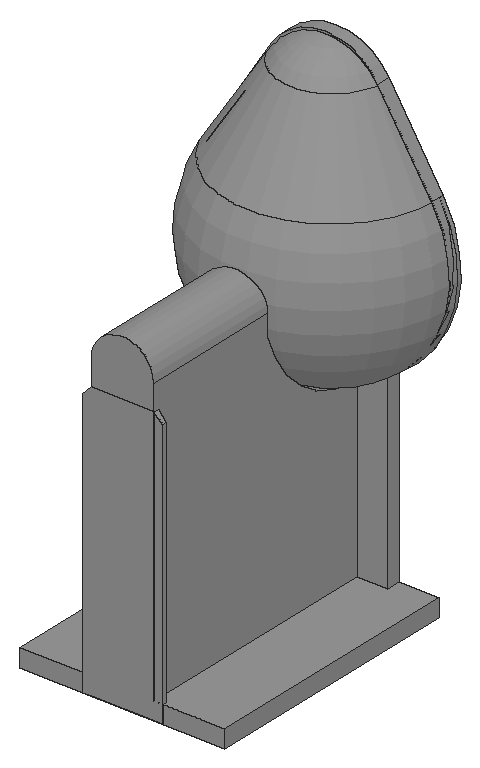
Revit family "Toilet-Willoughby-ETWS-1490-FM-FA-TS", category Plumbing Fixtures, Revit 2015
Parameters (values of type "Standard")
  Waste DIA = 2 3/8"
  Waste Connection = yes
  W-RAD [instance] = Waste DIA / 2  # 0' - 1 3/16"
  Vent Connection = no
  URL = "https://www.willoughby-ind.com/wp-content/uploads/2017/12/ETWS-1490-FM-FA.pdf"
  Type Comments = ""
  Revision = "A"
  Model = "ETWS-1490-FM-FA-TS"
  Manufacturer = "Willoughby Industries"
  HW Connection = no
  Flush inlet DIA = 1 1/2"
  Flush Inlet Connection = yes
  Fixture Body = Stainless Steel AISI 304-Willoughby
  F-RAD [instance] = Flush inlet DIA / 2  # 0' - 0 3/4"
  Description = "Floor Mounted Siphon Jet Flush Toilet"
  Default Elevation = 0' - 0"
  Contact Number = "(800) 428-4065"
  CW Connection = no
Reference planes (in)
  plane 1 "Base": y = -16.25
  plane 2: z = 0
  plane 3 "Center": x = 18.31072
  plane 4 "Seat HGT": y = -1.25
  plane 5: y = -2.125
  plane 6: x = 16.56072
  plane 7: x = 20.06072
  plane 8: x = 12.56072
  plane 9: x = 24.06072
  plane 10: z = 2.75
  plane 11 "Waste HGT": y = -10.75
  plane 12: z = 27.75
Forms (in)
  Extrusion 1, solid, material "Stainless Steel AISI 304-Willoughby" <- "Fixture Body"
    sketch origin (16.08109, 7.47968, -5.1422) x (-1, 0, 0) y (0, 0, -1)
      loop
        line (1.29775, -16.80087) -> (1.29775, -5.1422) -> (-5.72963, -5.1422) -> (-5.72963, -16.81676)
        arc (-5.72963, -16.81676) -> (-8.98136, -21.11843) -> (-8.21015, -26.45542) r 7
        line (-8.21015, -26.45542) -> (-5.16818, -31.31054)
        arc (-5.16818, -31.31054) -> (-2.20225, -32.95225) -> (0.76368, -31.31054) r 3.5
        line (0.76368, -31.31054) -> (3.80565, -26.45542)
        arc (3.80565, -26.45542) -> (4.5729, -21.10311) -> (1.29775, -16.80087) r 7
      loop
        arc (2.03989, -24.70557) -> (-2.20225, -18.23804) -> (-6.44438, -24.70557) r 4.625
        line (-6.44438, -24.70557) -> (-4.04125, -30.23842)
        arc (-4.04125, -30.23842) -> (-2.20225, -31.45225) -> (-0.36324, -30.23842) r 2
        line (-0.36324, -30.23842) -> (2.03989, -24.70557)
    from 8.72968 to 9.5
  Revolve 2, solid, material "Stainless Steel AISI 304-Willoughby" <- "Fixture Body"
    sketch origin (19.37246, -1.52032, -1.93826) x (-1, 0, 0) y (0, 0, -1)
      loop
        line (1.06174, -12.59906) -> (1.06174, -12.84906)
        arc (1.06174, -12.84906) -> (6.96784, -16.33096) -> (6.78077, -23.18447) r 6.75
        line (6.78077, -23.18447) -> (3.81535, -27.91457)
        arc (3.81535, -27.91457) -> (2.63527, -29.03194) -> (1.06174, -29.43826) r 3.25
        line (1.06174, -29.43826) -> (1.06174, -29.68826)
        arc (1.06174, -29.68826) -> (2.75672, -29.25045) -> (4.02767, -28.04656) r 3.5
        line (4.02767, -28.04656) -> (7.06964, -23.19143)
        arc (7.06964, -23.19143) -> (7.15052, -16.14555) -> (1.06174, -12.59906) r 7
      axis (1.06174, -12.59906) -> (1.06174, -29.68826)
    angle from 0 to -180
  Extrusion 3, solid, material "Stainless Steel AISI 304-Willoughby" <- "Fixture Body"
    sketch origin (19.53334, -3.02032, -2.9508) x (0, 1, 0) y (0, 0, 1)
      loop
        line (-5.27082, 2.9508) -> (1, 2.9508) -> (1, 13.76086)
        arc (1, 13.76086) -> (-2.93256, 15.26109) -> (-5.27082, 18.76086) r 6.92744
        line (-5.27082, 18.76086) -> (-5.27082, 2.9508)
    from 0.52738 to -2.97262
  Extrusion 4, solid, material "Stainless Steel AISI 304-Willoughby" <- "Fixture Body"
    sketch origin (0, 14.59309, 0) x (1, 0, 0) y (0, 1, 0)
      loop
        circle (18.31072, -25.34309) r 1.1875
    from 1 to 0
  Extrusion 5, solid, material "Stainless Steel AISI 304-Willoughby" <- "Fixture Body"
    sketch origin (0, 1.11185, 0) x (1, 0, 0) y (0, 0, 1)
      loop
        circle (18.31072, 2.75) r 0.75
    from 2.36185 to 1.42435
  Extrusion 6, solid, material "Stainless Steel AISI 304-Willoughby" <- "Fixture Body"
    sketch origin (0, -16.25, 0) x (1, 0, 0) y (0, 0, 1)
      loop
        line (24.06072, 0) -> (24.06072, 1) -> (12.56072, 1) -> (12.56072, 0) -> (24.06072, 0)
    from -15 to 0
  Extrusion 7, solid, material "Stainless Steel AISI 304-Willoughby" <- "Fixture Body"
    sketch origin (0, -16.25, 2) x (1, 0, 0) y (0, 0, 1)
      loop
        line (20.06072, -2) -> (20.06072, 14.94894)
        arc (20.06072, 14.94894) -> (18.31072, 16.69894) -> (16.56072, 14.94894) r 1.75
        line (16.56072, 14.94894) -> (16.56072, -2) -> (20.06072, -2)
    from 0 to -7.95886
  Extrusion 8, solid, material "Stainless Steel AISI 304-Willoughby" <- "Fixture Body"
    sketch origin (0, -16.25, -1) x (1, 0, 0) y (0, 0, 1)
      loop
        line (20.56072, 1) -> (20.56072, 16.04076) -> (20.06072, 16.54076) -> (16.56072, 16.54076) -> (16.06072, 16.04076) -> (16.06072, 1) -> (16.56072, 1) -> (20.56072, 1)
    from 0 to -0.25
Cuts and joins
  joined: Extrusion 1, Extrusion 3, Extrusion 6, Extrusion 7
Lines and regions (in)
  symbolic lines
    curve 1: line (11.28334, -2.02032, 0) -> (11.28334, -1.25, 0)
    curve 2: line (11.28334, -1.25, 0) -> (25.28334, -1.25, 0)
    curve 3: line (25.28334, -1.25, 0) -> (25.28334, -2.02032, 0)
    curve 4: arc (25.28334, -2.02032, 0) -> (23.10099, -6.63946, 0) -> (18.31072, -8.41496, 0) r 6.76417
    curve 5: arc (18.31072, -8.41496, 0) -> (13.51474, -6.62681, 0) -> (11.28334, -2.02032, 0) r 6.8754
    curve 6: line (24.06072, -5.54725, 0) -> (24.06072, -16.25, 0)
    curve 7: line (24.06072, -16.25, 0) -> (12.56072, -16.25, 0)
    curve 8: line (12.56072, -16.25, 0) -> (12.56072, -5.55658, 0)
    curve 9: line (20.06072, -8.24279, 0) -> (20.06072, -16.25, 0)
    curve 10: line (16.56072, -8.2327, 0) -> (16.56072, -16.25, 0)
    curve 11: line (20.06072, -16, 0) -> (20.56072, -16, 0)
    curve 12: line (20.56072, -16, 0) -> (20.56072, -16.25, 0)
    curve 13: line (16.56072, -16, 0) -> (16.06072, -16, 0)
    curve 14: line (16.06072, -16, 0) -> (16.06072, -16.25, 0)
    curve 15: line (14.78334, -16.25, 11.65867) -> (14.78334, -16.25, 1)
    curve 16: line (14.78334, -16.25, 1) -> (12.56072, -16.25, 1)
    curve 17: line (12.56072, -16.25, 1) -> (12.56072, -16.25, 0)
    curve 18: line (12.56072, -16.25, 0) -> (24.06072, -16.25, 0)
    curve 19: line (24.06072, -16.25, 0) -> (24.06072, -16.25, 1)
    curve 20: line (24.06072, -16.25, 1) -> (21.81072, -16.25, 1)
    curve 21: line (21.81072, -16.25, 1) -> (21.81072, -16.25, 11.67456)
    curve 22: arc (21.81072, -16.25, 11.67456) -> (25.08541, -16.25, 15.97033) -> (24.29124, -16.25, 21.31322) r 6.94458
    curve 23: line (24.29124, -16.25, 21.31322) -> (21.24927, -16.25, 26.16835)
    curve 24: arc (21.24927, -16.25, 26.16835) -> (19.97832, -16.25, 27.37224) -> (18.28334, -16.25, 27.81005) r 3.5
    curve 25: arc (18.28334, -16.25, 27.81005) -> (16.58835, -16.25, 27.37224) -> (15.31741, -16.25, 26.16835) r 3.5
    curve 26: line (15.31741, -16.25, 26.16835) -> (12.35249, -16.25, 21.43905)
    curve 27: arc (12.35249, -16.25, 21.43905) -> (11.49002, -16.25, 16.03241) -> (14.78334, -16.25, 11.65867) r 7
    curve 33: line (18.31072, -8.42861, 18.69535) -> (18.31072, -16.25, 18.69535)
    curve 34: line (18.31072, -16.25, 18.69535) -> (18.31072, -16.25, 0)
    curve 35: line (18.31072, -16.25, 0) -> (18.31072, -1.25, 0)
    curve 36: line (18.31072, -1.25, 0) -> (18.31072, -1.25, 27.81005)
    curve 37: line (18.31072, -1.25, 27.81005) -> (18.31072, -2.02032, 27.81005)
    curve 38: arc (18.31072, -2.02032, 27.81005) -> (18.31072, -3.3009, 27.25737) -> (18.31072, -4.32667, 26.31229) r 4.1579
    curve 39: line (18.31072, -4.32667, 26.31229) -> (18.31072, -7.52822, 21.25317)
    curve 40: arc (18.31072, -7.52822, 21.25317) -> (18.31072, -8.12338, 20.02529) -> (18.31072, -8.42861, 18.69535) r 6.05743
    curve 41: arc (18.31072, -8.42861, 18.69535) -> (18.31072, -8.31429, 17.25487) -> (18.31072, -8.29114, 15.81005) r 22.87654
    curve 42: arc (18.31072, -8.29114, 15.81005) -> (18.31072, -5.95289, 12.31029) -> (18.31072, -2.02032, 10.81005) r 6.92744
    curve 43: line (18.31072, -1.25, 11.65867) -> (18.31072, -2.02032, 11.65867)
    curve 44: line (18.31072, -2.02032, 11.65867) -> (18.31072, -2.02032, 1)
    curve 45: line (18.31072, -2.02032, 1) -> (18.31072, -16.25, 1)
  symbolic lines, detail levels fine
    curve 28: arc (14.0412, -16.25, 19.56337) -> (18.28334, -16.25, 13.09585) -> (22.52547, -16.25, 19.56337) r 4.625
    curve 29: line (22.52547, -16.25, 19.56337) -> (20.23477, -16.25, 24.83738)
    curve 30: arc (20.23477, -16.25, 24.83738) -> (19.45279, -16.25, 25.83044) -> (18.28334, -16.25, 26.31005) r 2.48373
    curve 31: arc (18.28334, -16.25, 26.31005) -> (17.13701, -16.25, 26.04679) -> (16.44433, -16.25, 25.09622) r 1.67984
    curve 32: line (16.44433, -16.25, 25.09622) -> (14.0412, -16.25, 19.56337)
Dimensions and locks (in)
  locked: plane 1 "Base" to plane 4 "Seat HGT" at 15
  locked: plane 11 "Waste HGT" to plane 1 "Base" at 5.5
  locked: plane 1 "Base" to plane 11 "Waste HGT" at 5.5
  locked: plane 8 to plane 9 at 11.5
  locked: plane 8 to plane 3 "Center" at 5.75
  "W-RAD": radius of Extrusion 4 sketch curve
  "F-RAD": radius of Extrusion 5 sketch curve
  aligned and locked: plane 3 "Center" to Extrusion 4 sketch curve
  aligned and locked: plane 3 "Center" to Extrusion 5 sketch curve
  aligned and locked: plane 10 to Extrusion 5 sketch curve
  aligned and locked: plane 11 "Waste HGT" to Extrusion 4 sketch curve
  aligned and locked: cut or joined group of Extrusion 1, Extrusion 3, Extrusion 6, Extrusion 7 to level
  aligned and locked: cut or joined group of Extrusion 1, Extrusion 3, Extrusion 6, Extrusion 7 to cut or joined group of Extrusion 1, Extrusion 3, Extrusion 6, Extrusion 7
  aligned and locked: cut or joined group of Extrusion 1, Extrusion 3, Extrusion 6, Extrusion 7 to Extrusion 4
Automatic sketch dimensions
  Extrusion 1 sketch curve to Extrusion 1 sketch curve = 0' - 0"  (x8)
  level to Extrusion 1 sketch curve = 0' - 0"
  plane 3 "Center" to Extrusion 1 sketch curve = 0' - 5.98052"
  Extrusion 1 sketch curve to Extrusion 1 sketch curve = 0' - 1.76576"  (x2)
  plane 3 "Center" to Extrusion 1 sketch curve = 0' - 3 1/2"
  plane 3 "Center" to Extrusion 1 sketch curve = 0' - 2.93855"
  Extrusion 1 sketch curve to Extrusion 1 sketch curve = 0' - 1.12693"  (x2)
  Extrusion 1 sketch curve to plane 3 "Center" = 0' - 0.02738"  (x2)
  Extrusion 1 sketch curve to plane 3 "Center" = 0' - 1.86639"
  Extrusion 1 sketch curve to plane 3 "Center" = 0' - 3.52738"
  Extrusion 1 sketch curve to plane 3 "Center" = 0' - 4 69/256"
  Extrusion 1 sketch curve to Extrusion 1 sketch curve = 0' - 11.65867"
  Extrusion 1 sketch curve to Extrusion 1 sketch curve = 0' - 0.01589"
  Extrusion 1 sketch curve to Extrusion 1 sketch curve = 0' - 6.06218"
  Extrusion 1 sketch curve to Extrusion 1 sketch curve = 0' - 1.74985"
  Extrusion 1 sketch curve to Extrusion 1 sketch curve = 0' - 4.74668"
  Extrusion 1 sketch curve to Extrusion 1 sketch curve = 0' - 0.78617"
  Extrusion 1 sketch curve to Extrusion 1 sketch curve = 0' - 1.07212"
  Revolve 2 sketch curve to Revolve 2 sketch curve = 0' - 0"  (x2)
  Revolve 2 sketch curve to plane 3 "Center" = 0' - 0"  (x3)
  plane 3 "Center" to Revolve 2 sketch curve = 0' - 0"
  Revolve 2 sketch curve to plane 3 "Center" = 0' - 2.75361"
  Revolve 2 sketch curve to Revolve 2 sketch curve = 0' - 0.21232"
  Revolve 2 sketch curve to Revolve 2 sketch curve = 0' - 2.96542"
  Revolve 2 sketch curve to Revolve 2 sketch curve = 0' - 0.28887"
  level to Revolve 2 sketch curve = 2' - 3 3/4"
  Revolve 2 sketch curve to Revolve 2 sketch curve = 0' - 0 1/4"
  Revolve 2 sketch curve to Revolve 2 sketch curve = 0' - 1.3917"
  Revolve 2 sketch curve to Revolve 2 sketch curve = 0' - 0.13199"
  Revolve 2 sketch curve to Revolve 2 sketch curve = 0' - 4.85513"
  Revolve 2 sketch curve to Revolve 2 sketch curve = 0' - 0.00696"
  Revolve 2 sketch curve to Revolve 2 sketch curve = 0' - 3 1/4"
  Revolve 2 sketch curve to Revolve 2 sketch curve = 0' - 3.3392"
  Revolve 2 sketch curve to Revolve 2 sketch curve = 0' - 2.4108"
  level to Extrusion 3 sketch curve = 0' - 0"
  plane 5 to Extrusion 3 sketch curve = 0' - 0.10468"
  plane 4 "Seat HGT" to Extrusion 3 sketch curve = 0' - 0.38413"
  Extrusion 3 sketch curve to Extrusion 3 sketch curve = 0' - 10.81005"
  Extrusion 3 sketch curve to Extrusion 3 sketch curve = 0' - 5"
  Extrusion 6 sketch curve to plane 8 = 0' - 0"
  Extrusion 6 sketch curve to plane 9 = 0' - 0"
  Extrusion 6 sketch curve to level = 0' - 0"
  level to Extrusion 6 sketch curve = 0' - 1"
  level to Extrusion 7 sketch curve = 0' - 0"
  Extrusion 7 sketch curve to plane 7 = 0' - 0"
  plane 10 to Extrusion 7 sketch curve = 1' - 2.19894"
  plane 6 to Extrusion 7 sketch curve = 0' - 0"
  Extrusion 3 sketch curve to Extrusion 3 sketch curve = 0' - 6.27082"
  Extrusion 8 sketch curve to plane 6 = 0' - 0"  (x2)
  Extrusion 8 sketch curve to plane 7 = 0' - 0"
  Extrusion 8 sketch curve to Extrusion 8 sketch curve = 0' - 0 1/2"  (x3)
  plane 7 to Extrusion 8 sketch curve = 0' - 0 1/2"
  level to Extrusion 8 sketch curve = 0' - 0"
  plane 10 to Extrusion 8 sketch curve = 1' - 0.29076"
  plane 4 "Seat HGT" to curve 1 = 0' - 0"
  curve 7 to plane 8 = 0' - 0"
  plane 1 "Base" to curve 14 = 0' - 0"
  curve 10 to plane 6 = 0' - 0"
  curve 4 to plane 3 "Center" = 0' - 0"
  curve 11 to plane 7 = 0' - 0"
  curve 6 to plane 9 = 0' - 0"
  plane 5 to curve 1 = 0' - 0.10468"
  curve 1 to plane 8 = 0' - 1.27738"
  curve 5 to plane 3 "Center" = 0' - 0.16867"
  plane 3 "Center" to curve 4 = 0' - 0.21836"
  curve 12 to plane 1 "Base" = 0' - 0 1/4"
  plane 7 to curve 12 = 0' - 0 1/2"
  plane 9 to curve 2 = 0' - 1.22262"
  plane 5 to curve 3 = 0' - 0.10468"
  plane 4 "Seat HGT" to curve 4 = 0' - 0.40431"
  curve 14 to curve 10 = 0' - 0 1/2"
  curve 10 to curve 13 = 0' - 0 1/4"
  curve 24 to curve 25 = 0' - 0"
  curve 27 to curve 28 = 0' - 0"  (x2)
  curve 18 to level = 0' - 0"
  curve 18 to plane 8 = 0' - 0"
  curve 19 to plane 9 = 0' - 0"
  curve 26 to plane 8 = 0' - 0.20823"
  curve 15 to plane 6 = 0' - 1.77738"
  curve 26 to plane 6 = 0' - 1.24331"
  curve 30 to plane 3 "Center" = 0' - 0.35407"
  curve 31 to plane 3 "Center" = 0' - 0.24834"
  curve 28 to plane 3 "Center" = 0' - 0.02738"
  curve 25 to plane 3 "Center" = 0' - 0.02738"
  plane 3 "Center" to curve 22 = 0' - 0.04925"
  plane 7 to curve 29 = 0' - 0.17405"
  plane 7 to curve 23 = 0' - 1.18855"
  plane 7 to curve 21 = 0' - 1 3/4"
  curve 29 to plane 9 = 0' - 1.53525"
  plane 9 to curve 23 = 0' - 0.23052"
  level to curve 16 = 0' - 1"
  level to curve 20 = 0' - 1"
  plane 10 to curve 15 = 0' - 8.90867"
  curve 15 to curve 21 = 0' - 0.01589"
  curve 21 to curve 22 = 0' - 6.02656"
  curve 22 to curve 28 = 0' - 0.01972"
  curve 29 to curve 22 = 0' - 1.74985"
  curve 30 to plane 12 = 0' - 3.9021"
  curve 30 to curve 25 = 0' - 0.46215"
  curve 25 to curve 31 = 0' - 0.33476"
  curve 25 to curve 29 = 0' - 0 135/256"
  curve 23 to plane 12 = 0' - 1.58165"
  plane 8 to curve 28 = 0' - 1 123/256"
  curve 32 to plane 6 = 0' - 0.11639"
  curve 31 to curve 30 = 0' - 0"
  curve 34 to plane 1 "Base" = 0' - 0"
  curve 36 to level = 0' - 0"
  curve 36 to plane 4 "Seat HGT" = 0' - 0"
  plane 1 "Base" to curve 41 = 1' - 2.91491"
  plane 11 "Waste HGT" to curve 33 = 0' - 2.32139"
  curve 33 to curve 39 = 0' - 0.90038"
  curve 39 to plane 5 = 0' - 2.20167"
  curve 40 to plane 5 = 0' - 0.28462"
  plane 5 to curve 44 = 0' - 0.10468"
  plane 12 to curve 37 = 0' - 0.06005"
  plane 5 to curve 37 = 0' - 0.10468"
  plane 4 "Seat HGT" to curve 42 = 0' - 0.38413"
  curve 38 to plane 4 "Seat HGT" = 0' - 0.21365"
  plane 10 to curve 43 = 0' - 8.90867"
  curve 41 to plane 12 = 0' - 11.58383"
  curve 43 to curve 42 = 0' - 6.06805"
  curve 42 to curve 40 = 0' - 0.28726"
  curve 34 to plane 12 = 0' - 9.05465"
  curve 38 to plane 12 = 0' - 3.97974"
  plane 11 "Waste HGT" to curve 41 = 0' - 2.45886"
  level to curve 45 = 0' - 1"
Connectors (in)
  piping at (18.31072, -10.75, 0), diameter 2.375, driven by "W-RAD", driven by "Waste Connection"
    settings: on Extrusion 4, index 1, connector inside diameter 2 1/2", connector length 0' - 0", flow factor 0, pipe flow 0 GPM, pressure drop 0.00 psi, fitting loss kfactor 0, connector angle 0.00°, fixture units 0, engagement length 0' - 0", angle of deflection 0.00°, flow configuration 0, flow direction 2, fitting loss method 0, system type 16, joint type 0, gender type 0, connector reference index -1, connector utility 1, adjustable connector yes, is connector primary yes, connector description "Toilet Waste"
  piping at (18.31072, -0.3125, 2.75), diameter 1.5, driven by "F-RAD", driven by "Flush Inlet Connection"
    settings: on Extrusion 5, index 2, connector inside diameter 1 1/2", connector length 0' - 0", flow factor 0, pipe flow 0 GPM, pressure drop 0.00 psi, fitting loss kfactor 0, connector angle 0.00°, fixture units 0, engagement length 0' - 0", angle of deflection 0.00°, flow configuration 0, flow direction 1, fitting loss method 0, system type 20, joint type 0, gender type 0, connector reference index -1, connector utility 1, adjustable connector no, is connector primary no, connector description "Flush Inlet"
